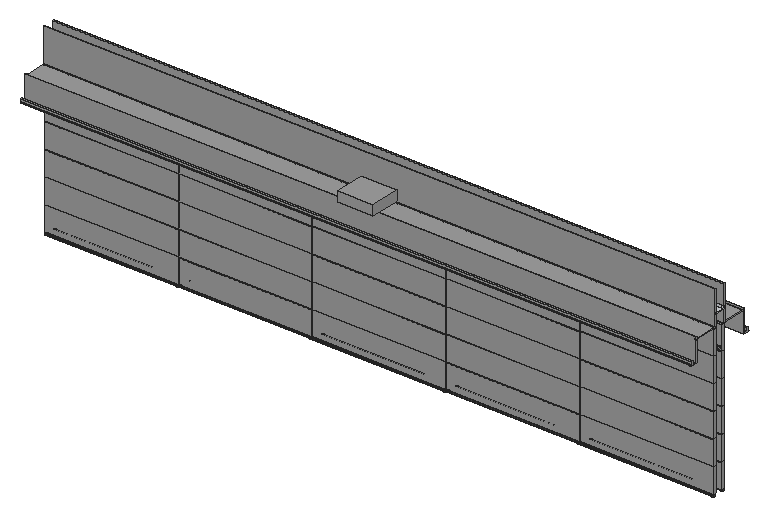
Revit family "Partition-6_Panels_High-Skyfold_Classic_Zenith-10-1_to_12-0_FC_3075_to_3660", category Generic Models, host Ceiling, Revit 2026
Family settings
  Host = Ceiling
  Can host rebar = No
  Round Connector Dimension = Use Diameter
  Part Type = Normal
  Always vertical = Yes
  Cut with Voids When Loaded = No
  Maintain Annotation Orientation = No
  Shared = No
  Room Calculation Point = No
Parameters (values of type "10' - 6"")
  Visibility Of Unfold Single Panel [instance] = and(not(Fold), Number Of Panels < 2)  # no
  Visibility Of Fold Single Panel [instance] = and(Fold, Number Of Panels < 2)  # no
  Visibility Of Fold Panels [instance] = and(Fold, Number Of Panels > 1)  # no
  URL = "http://www.skyfold.com/"
  Total Panel Height = ([Panel Height"F"] * 6) + 0' 2 1/2"  # 11' - 11 1/2"
  Pocket Material [instance] = Default
  Panel Array [instance] = if(Number Of Panels < 3, 2, Number Of Panels)  # 5
  Panel 6 Material [instance] = Default
  Panel 5 Material [instance] = Default
  Panel 4 Material [instance] = Default
  Panel 3 Material [instance] = Default
  Panel 2 Material [instance] = Default
  Model = "Compact Drive System"
  Manufacturer = "Skyfold"
  Description = "Custom Powerlift Partitions"
  Default Elevation = 0' - 0"
  Center Pantograph Visibility [instance] = Number Of Panels > 2  # yes
  Visibility Of Single Pantograph [instance] = and(Number Of Panels = 2, Total Wall Length > 16' 0")  # no
  Total Wall Length [instance] = 54' - 0"
  Wall Thickness = 0' - 11 3/4"  # constant formula
  Unfold [instance] = and(not(Fold), Number Of Panels > 1)  # yes
  Pocket Width"E" = 4' - 8 3/4"
  Pocket Depth"D" = 1' - 8 1/2"
  Panel Length [instance] = (Total Wall Length - 0' 2" - (Number Of Panels - 1) * 0' 0 1/2") / Number Of Panels  # 10' - 8.8"
  Panel Height"F" = 1' - 11 1/2"
  Offset From Ceiling [instance] = 0' - 0"
  Center Pantographs [instance] = if(Number Of Panels < 3, 2, Number Of Panels - 1)  # 4
  Number Of Panels [instance] = (Total Wall Length / Max Panel Length) + 0.499  # 5
  Motor Positionning [instance] = if(or(Number Of Panels = 1, Total Wall Length < 16' 1", Number Of Panels = 3, Number Of Panels = 5, Number Of Panels = 7, Number Of Panels = 9, Number Of Panels = 11), (Total Wall Length / 2), (Total Wall Length / 2) - (Panel Length / 2))  # 27' - 0"
  Max Wall Length [instance] = 100' - 0"  # constant formula
  Max Panel Length [instance] = 12' - 0"  # constant formula
  Height Between Panels [instance] = [Panel Height"F"] + 0' 0 1/2"  # 2' - 0"
  Fold [instance] = no
  Distance From Acoustic Barrier = 0' - 2"  # constant formula
  Distance Between Panels [instance] = Panel Length + 0' 0 1/2"  # 10' - 9.3"
  Finished Ceiling"A" = 10' - 6"
  Panel 1 Material [instance] = Default
  Top Of Acoustic Barrier [instance] = 15' - 0"
  Assembly Code = ""
  Beam Height"B" = 13' - 2 1/4"
  Acoustic Barrier"C" = 12' - 2 1/2"
Reference planes (in)
  plane 1 "Center (Front/Back)": y = 0
  plane 2 "Ceiling": z = 96
  plane 3 "Center (Left/Right)": x = 0
  plane 4: y = -28.375
  plane 5: y = 28.375
  plane 6: y = -5.875
  plane 7: y = 5.875
  plane 8: x = 648
  plane 9: x = 1
  plane 10: x = 130.3
  plane 11: z = 95.96875
  plane 12: z = 116.46875
  plane 13: z = -30.03125
  plane 14 "Beam height": z = 128.21875
  plane 15 "ouverture": y = -35.68131
  plane 16: x = 324
  plane 17 "BOAB": z = 114.46875
  plane 18: z = 95.96875
Lines and regions (in)
  Opening 1
    outline origin (0, 3.93322, 96) x (1, 0, 0) y (0, 1, 0)
      loop
        line (0, 29.69178) -> (0, -37.55822) -> (648, -37.55822) -> (648, 29.69178) -> (0, 29.69178)
Dimensions and locks (in)
  equal spacing: host sketch curve, plane 3 "Center (Left/Right)", host sketch curve
  equal spacing: host sketch curve, plane 1 "Center (Front/Back)", host sketch curve
  host sketch curve to host sketch curve = 10' - 0"  (x2)
  plane 2 "Ceiling" to level = 7' - 0"
  equal spacing: plane 4, plane 1 "Center (Front/Back)", plane 5
  "Pocket Width"E"": plane 4 to plane 5
  equal spacing: plane 6, plane 1 "Center (Front/Back)", plane 7
  "Wall Thickness": plane 6 to plane 7
  "Total Wall Length": plane 8 to plane 3 "Center (Left/Right)"
  locked: plane 9 to plane 3 "Center (Left/Right)" at 1
  "Distance Between Panels": plane 10 to plane 9
  locked: plane 2 "Ceiling" to plane 11 at 0.03125
  equal spacing: group 1, group 2, group 7, group 9, group 10  (x3)
  equal spacing: group 3, group 4, group 8, group 11, group 12  (x3)
  "Finished Ceiling"A"": plane 11 to plane 13
  "Beam Height"B"": plane 14 "Beam height" to plane 13
  locked: nested 8 to plane 3 "Center (Left/Right)" at 32
  locked: plane 8 to nested 9 at 32
  locked: nested 5 to nested 10 at 0.25
  equal spacing: group 5, group 6, group 13, group 14  (x3)
  "Distance Between Panels": nested 11 to nested 10
  locked: plane 10 to nested 12 at 0.25
  "Motor Positionning": plane 16 to plane 3 "Center (Left/Right)"
  locked: plane 12 to plane 17 "BOAB" at 2
  "Offset From Ceiling": plane 11 to plane 18
  "Pocket Depth"D"": plane 12 to plane 18
  aligned and locked: nested 1 to Opening 1 sketch curve  (x2)
  aligned and locked: Opening 1 sketch curve to plane 8
  aligned and locked: plane 2 "Ceiling" to host ceiling
  aligned and locked: nested 2 to plane 1 "Center (Front/Back)"
  aligned and locked: nested 2 to plane 9
  aligned and locked: Opening 1 sketch curve to nested 1
  aligned and locked: nested 1 to plane 3 "Center (Left/Right)"
  aligned and locked: nested 4 to plane 10
  aligned and locked: plane 10 to nested 5
  aligned and locked: plane 8 to nested 6
  aligned and locked: plane 3 "Center (Left/Right)" to nested 6
  aligned and locked: nested 13 to plane 1 "Center (Front/Back)"
  aligned and locked: plane 14 "Beam height" to nested 6
  aligned and locked: nested 1 to nested 6
  aligned and locked: plane 14 "Beam height" to nested 8
  aligned and locked: plane 14 "Beam height" to nested 12
  aligned and locked: plane 14 "Beam height" to nested 10
  aligned and locked: nested 11 to plane 14 "Beam height"
  aligned and locked: nested 9 to plane 14 "Beam height"
  aligned and locked: nested 14 to plane 1 "Center (Front/Back)"
  aligned and locked: nested 15 to nested 14
  aligned and locked: plane 9 to nested 15
  aligned and locked: nested 16 to nested 14
  aligned and locked: nested 16 to plane 9
  aligned and locked: plane 14 "Beam height" to nested 7
  aligned and locked: plane 16 to nested 7
  aligned and locked: nested 13 to plane 18
  aligned and locked: nested 3 to plane 18
  aligned and locked: nested 15 to plane 18
  aligned and locked: nested 5 to plane 18
  aligned and locked: plane 18 to nested 1
  aligned and locked: nested 14 to plane 17 "BOAB"
  aligned and locked: nested 16 to plane 17 "BOAB"
  aligned and locked: nested 19 to plane 11
  aligned and locked: plane 5 to nested 19
  aligned and locked: nested 21 to plane 14 "Beam height"
  aligned and locked: plane 7 to nested 21
  aligned and locked: plane 15 "ouverture" to nested 20
  aligned and locked: nested 20 to plane 14 "Beam height"
Nested families (in)
  nested 1: "Pocket" at (0, -10.75, 97.27344), Acoustic_Barrier"C" <- "Acoustic Barrier"C"", Total_Wall_Length <- "Total Wall Length", T.O. Acoustic_Barrier <- "Top Of Acoustic Barrier", Beam_Height <- "Beam Height"B"", Pocket Material <- "Pocket Material", type "Pocket"
    with Total_Wall_Length 54' - 0", T.O. Acoustic_Barrier 15' - 0", Pocket Material Default, Motor_Length 2' - 10", Motor_Height 0' - 11 1/2", Beam_Height 13' - 2 1/4", Acoustic_Barrier"C" 12' - 2 1/2", Pocket_Width"E" 4' - 8 3/4", Pocket_Depth"D" 1' - 8 1/2", Finished_Ceiling"A" 10' - 6"
  nested 2: "Groupe_5 panneaux" at (1, 0, -116.39108), panel_length <- "Panel Length", visible <- "Unfold", Total_Panel-Height <- "Total Panel Height", Panel 1 material <- "Panel 1 Material", Panel 2 material <- "Panel 2 Material", Panel 3 material <- "Panel 3 Material", Panel 4 material <- "Panel 4 Material", Panel 5 material <- "Panel 5 Material", Panel 6 material <- "Panel 6 Material", type "Groupe_5 panneaux"
    with panel_length 10' - 8.8", Total_Panel-Height 11' - 11 1/2", Panel 6 material Default, Panel 5 material Default, Panel 4 material Default, Panel 3 material Default, Panel 2 material Default, Panel 1 material Default
  nested 3: "Panneau_hor" at (1, 12.57079, 83.96875), panel_length <- "Panel Length", panel_height <- "Panel Height"F"", visible <- "Visibility Of Fold Panels", Panel_Material <- "Panel 6 Material", type "Panneau_hor"
    with panel_length 10' - 8.8", panel_height 1' - 11 1/2", Panel_Material Default
  nested 4: "Groupe_5 panneaux" at (130.3, 0, -116.39108), panel_length <- "Panel Length", visible <- "Unfold", Total_Panel-Height <- "Total Panel Height", Panel 1 material <- "Panel 1 Material", Panel 2 material <- "Panel 2 Material", Panel 3 material <- "Panel 3 Material", Panel 4 material <- "Panel 4 Material", Panel 5 material <- "Panel 5 Material", Panel 6 material <- "Panel 6 Material", type "Groupe_5 panneaux"
    with panel_length 10' - 8.8", Total_Panel-Height 11' - 11 1/2", Panel 6 material Default, Panel 5 material Default, Panel 4 material Default, Panel 3 material Default, Panel 2 material Default, Panel 1 material Default
  nested 5: "Panneau_hor" at (130.3, 12.57079, 83.96875), panel_length <- "Panel Length", panel_height <- "Panel Height"F"", visible <- "Visibility Of Fold Panels", Panel_Material <- "Panel 6 Material", type "Panneau_hor"
    with panel_length 10' - 8.8", panel_height 1' - 11 1/2", Panel_Material Default
  nested 6: "Beam" at (0, -10.75, 109.52344), type "Pocket"
    with Total_Wall_Length 54' - 0"
  nested 7: "Motor" at (307, -23, 118.21875), type "Compact"
  nested 8: "Pantograph" at (54.25, -4, 115.9375) x (0, 1, 0) z (0, 0, 1), type "Pantograph"
  nested 9: "Pantograph" at (638.25, -4, 115.9375) x (0, 1, 0) z (0, 0, 1), type "Pantograph"
  nested 10: "Pantograph" at (152.3, -4, 115.9375) x (0, 1, 0) z (0, 0, 1), visible <- "Center Pantograph Visibility", type "Pantograph"
  nested 11: "Pantograph" at (281.6, -4, 115.9375) x (0, 1, 0) z (0, 0, 1), visible <- "Center Pantograph Visibility", type "Pantograph"
  nested 12: "Pantograph" at (152.3, -4, 115.9375) x (0, 1, 0) z (0, 0, 1), visible <- "Visibility Of Single Pantograph", type "Pantograph"
  nested 13: "2D Fold Panels" at (1, 2.48811, 95.96875) x (0, 1, 0) z (1, 0, 0), visible <- "Fold", Panel_Height <- "Panel Height"F"", type "Complete Panels"
    with Panel_Height 1' - 11 1/2"
  nested 14: "2D Unfold Panels" at (1, 0.10225, 23.59375) x (0, 1, 0) z (1, 0, 0), visible <- "Unfold", type "Unfold panels"
  nested 15: "Panneau_hor" at (1, 12.57079, 83.96875), panel_length <- "Panel Length", panel_height <- "Panel Height"F"", Panel_Material <- "Panel 1 Material", visible <- "Visibility Of Fold Single Panel", type "Panneau_hor"
    with panel_length 10' - 8.8", panel_height 1' - 11 1/2", Panel_Material Default
  nested 16: "Groupe_5 panneaux" at (1, 0, -116.39108), panel_length <- "Panel Length", visible <- "Visibility Of Unfold Single Panel", Total_Panel-Height <- "Total Panel Height", Panel 6 material <- "Panel 6 Material", Panel 5 material <- "Panel 5 Material", Panel 4 material <- "Panel 4 Material", Panel 3 material <- "Panel 3 Material", Panel 2 material <- "Panel 2 Material", Panel 1 material <- "Panel 1 Material", type "Groupe_5 panneaux"
    with panel_length 10' - 8.8", Total_Panel-Height 11' - 11 1/2", Panel 6 material Default, Panel 5 material Default, Panel 4 material Default, Panel 3 material Default, Panel 2 material Default, Panel 1 material Default
  nested 17: "Groupe_5 panneaux" at (259.6, 0, -116.39108), panel_length <- "Panel Length", visible <- "Unfold", Total_Panel-Height <- "Total Panel Height", Panel 1 material <- "Panel 1 Material", Panel 2 material <- "Panel 2 Material", Panel 3 material <- "Panel 3 Material", Panel 4 material <- "Panel 4 Material", Panel 5 material <- "Panel 5 Material", Panel 6 material <- "Panel 6 Material", type "Groupe_5 panneaux"
    with panel_length 10' - 8.8", Total_Panel-Height 11' - 11 1/2", Panel 6 material Default, Panel 5 material Default, Panel 4 material Default, Panel 3 material Default, Panel 2 material Default, Panel 1 material Default
  nested 18: "Panneau_hor" at (259.6, 12.57079, 83.96875), panel_length <- "Panel Length", panel_height <- "Panel Height"F"", visible <- "Visibility Of Fold Panels", Panel_Material <- "Panel 6 Material", type "Panneau_hor"
    with panel_length 10' - 8.8", panel_height 1' - 11 1/2", Panel_Material Default
  nested 19: "Suspended Ceiling Component" at (648, 28.375, 95.96875) x (0, 1, 0) z (1, 0, 0), type "Suspended Ceiling Component"
  nested 20: "Disclaimer Component" at (648, -35.68131, 128.21875) x (0, 1, 0) z (1, 0, 0), type "Disclaimer Component"
  nested 21: "construction as per ASTM E557 Component" at (648, 5.875, 128.21875) x (0, 1, 0) z (1, 0, 0), type "construction as per ASTM E557 Component"
  nested 22: "Groupe_5 panneaux" at (388.9, 0, -116.39108), panel_length <- "Panel Length", visible <- "Unfold", Total_Panel-Height <- "Total Panel Height", Panel 1 material <- "Panel 1 Material", Panel 2 material <- "Panel 2 Material", Panel 3 material <- "Panel 3 Material", Panel 4 material <- "Panel 4 Material", Panel 5 material <- "Panel 5 Material", Panel 6 material <- "Panel 6 Material", type "Groupe_5 panneaux"
    with panel_length 10' - 8.8", Total_Panel-Height 11' - 11 1/2", Panel 6 material Default, Panel 5 material Default, Panel 4 material Default, Panel 3 material Default, Panel 2 material Default, Panel 1 material Default
  nested 23: "Groupe_5 panneaux" at (518.2, 0, -116.39108), panel_length <- "Panel Length", visible <- "Unfold", Total_Panel-Height <- "Total Panel Height", Panel 1 material <- "Panel 1 Material", Panel 2 material <- "Panel 2 Material", Panel 3 material <- "Panel 3 Material", Panel 4 material <- "Panel 4 Material", Panel 5 material <- "Panel 5 Material", Panel 6 material <- "Panel 6 Material", type "Groupe_5 panneaux"
    with panel_length 10' - 8.8", Total_Panel-Height 11' - 11 1/2", Panel 6 material Default, Panel 5 material Default, Panel 4 material Default, Panel 3 material Default, Panel 2 material Default, Panel 1 material Default
  nested 24: "Panneau_hor" at (388.9, 12.57079, 83.96875), panel_length <- "Panel Length", panel_height <- "Panel Height"F"", visible <- "Visibility Of Fold Panels", Panel_Material <- "Panel 6 Material", type "Panneau_hor"
    with panel_length 10' - 8.8", panel_height 1' - 11 1/2", Panel_Material Default
  nested 25: "Panneau_hor" at (518.2, 12.57079, 83.96875), panel_length <- "Panel Length", panel_height <- "Panel Height"F"", visible <- "Visibility Of Fold Panels", Panel_Material <- "Panel 6 Material", type "Panneau_hor"
    with panel_length 10' - 8.8", panel_height 1' - 11 1/2", Panel_Material Default
  nested 26: "Pantograph" at (410.9, -4, 115.9375) x (0, 1, 0) z (0, 0, 1), visible <- "Center Pantograph Visibility", type "Pantograph"
  nested 27: "Pantograph" at (540.2, -4, 115.9375) x (0, 1, 0) z (0, 0, 1), visible <- "Center Pantograph Visibility", type "Pantograph"
Definition of nested family "Pocket"
  Parameters
    Total_Wall_Length [instance] = 35' - 0"
    T.O. Acoustic_Barrier [instance] = 13' - 0"
    Pocket_Width"E" = 4' - 6 1/2"
    Pocket_Depth"D" = 1' - 8 1/4"
    Pocket Material [instance] = none
    Motor_Length [instance] = 2' - 6 29/128"
    Motor_Height [instance] = 1' - 3"
    Finished_Ceiling"A" = 10' - 4"
    Default Elevation = 0' - 0"
    Assembly Code = ""
    Beam_Height [instance] = 10' - 0"
    Acoustic_Barrier"C" [instance] = 3' - 0"
  Reference planes (in)
    plane 1 "Center (Front/Back)": y = 10.75
    plane 2: z = 18.94531
    plane 3 "Center (Left/Right)": x = 0
    plane 4: z = -1.30469
    plane 5: y = -16.5
    plane 6: y = 38
    plane 7: y = -21.75
    plane 8: y = 43.25
    plane 9: z = 2.32031
    plane 10: y = 4.75
    plane 11: y = 16.75
    plane 12: x = 420
    plane 13: z = 24.69531
    plane 14: z = 71.18777
    plane 15: z = 30.69531
    plane 16: z = -125.30469
    plane 17: x = 12.89513
    plane 18: x = 203.52734
    plane 19: z = -5.30469
  Forms (in)
    Extrusion 1, solid, material <- "Pocket Material"
      sketch origin (0, 0, 0) x (0, 1, 0) y (0, 0, 1)
        loop
          line (-21.75, 2.32031) -> (-21.75, -1.30469) -> (-16.5, -1.30469) -> (-16.5, 20.94531) -> (-17.125, 20.94531) -> (-17.125, -0.67969) -> (-21.125, -0.67969) -> (-21.125, 2.32031) -> (-21.75, 2.32031)
        loop
          line (-16.28125, 18.94531) -> (4.53125, 18.94531) -> (4.53125, 19.57031) -> (-16.28125, 19.57031) -> (-16.28125, 18.94531)
      from 0 to 420
    Extrusion 2, solid, material <- "Pocket Material"
      sketch origin (0, 0, 0) x (0, 1, 0) y (0, 0, 1)
        loop
          line (9.75, -1.30469) -> (11.75, -1.30469) -> (11.75, -1.05469) -> (10.875, -1.05469) -> (10.875, 0.69531) -> (10.625, 0.69531) -> (10.625, -1.05469) -> (9.75, -1.05469) -> (9.75, -1.30469)
      from 0 to 420
    Extrusion 3, solid, material <- "Pocket Material"
      sketch origin (0, 0, 0) x (0, 1, 0) y (0, 0, 1)
        loop
          line (4.75, 18.94531) -> (5.75, 18.94531) -> (5.75, 30.69531) -> (4.75, 30.69531) -> (4.75, 18.94531)
      from 0 to 420
    Extrusion 4, solid, material <- "Pocket Material"
      sketch origin (0, 21.5, 0) x (0, -1, 0) y (0, 0, -1)
        loop
          line (4.75, -18.94531) -> (4.75, -30.69531) -> (5.75, -30.69531) -> (5.75, -18.94531) -> (4.75, -18.94531)
      from 0 to 420
    Extrusion 5, solid, material <- "Pocket Material"
      sketch origin (420, 0, 0) x (0, 1, 0) y (0, 0, 1)
        loop
          line (-16.5, 19.64844) -> (-16.5, 18.85156) -> (-15.75, 18.85156) -> (-15.75, 18.94531) -> (-16.40625, 18.94531) -> (-16.40625, 19.64844) -> (-16.5, 19.64844)
      from -420 to 0
    Extrusion 6, solid, material <- "Pocket Material"
      sketch origin (420, -21.98359, 0) x (0, -1, 0) y (0, 0, -1)
        loop
          line (-26.73359, -19.64844) -> (-26.63984, -19.64844) -> (-26.63984, -18.94531) -> (-25.98359, -18.94531) -> (-25.98359, -18.85156) -> (-26.73359, -18.85156) -> (-26.73359, -19.64844)
      from -420 to 0
    Extrusion 7, solid, material <- "Pocket Material"
      sketch origin (420, -57.55768, -19.35805) x (0, -1, 0) y (0, 0, -1)
        loop
          line (-35.80768, -18.75649) -> (-35.71393, -18.75649) -> (-35.71393, -18.05336) -> (-35.05768, -18.05336) -> (-35.05768, -17.95961) -> (-35.80768, -17.95961) -> (-35.80768, -18.75649)
      from -420 to 0
    Extrusion 8, solid, material <- "Pocket Material"
      sketch origin (0, 21.5, 0) x (0, -1, 0) y (0, 0, -1)
        loop
          line (-21.75, -2.32031) -> (-21.125, -2.32031) -> (-21.125, 0.67969) -> (-17.125, 0.67969) -> (-17.125, -20.94531) -> (-16.5, -20.94531) -> (-16.5, 1.30469) -> (-21.75, 1.30469) -> (-21.75, -2.32031)
        loop
          line (-16.28125, -18.94531) -> (-16.28125, -19.57031) -> (4.53125, -19.57031) -> (4.53125, -18.94531) -> (-16.28125, -18.94531)
      from 0 to 420
    Extrusion 9, solid, material <- "Pocket Material"
      sketch origin (420, 21.5, 0) x (0, -1, 0) y (0, 0, -1)
        loop
          line (-16.5, -19.64844) -> (-16.40625, -19.64844) -> (-16.40625, -18.94531) -> (-15.75, -18.94531) -> (-15.75, -18.85156) -> (-16.5, -18.85156) -> (-16.5, -19.64844)
      from -420 to 0
    Extrusion 10, solid, material <- "Pocket Material"
      sketch origin (420, 43.48359, 0) x (0, 1, 0) y (0, 0, 1)
        loop
          line (-26.73359, 19.64844) -> (-26.73359, 18.85156) -> (-25.98359, 18.85156) -> (-25.98359, 18.94531) -> (-26.63984, 18.94531) -> (-26.63984, 19.64844) -> (-26.73359, 19.64844)
      from -420 to 0
    Extrusion 11, solid, material <- "Pocket Material"
      sketch origin (420, 79.05768, -19.35805) x (0, 1, 0) y (0, 0, 1)
        loop
          line (-35.80768, 18.75649) -> (-35.80768, 17.95961) -> (-35.05768, 17.95961) -> (-35.05768, 18.05336) -> (-35.71393, 18.05336) -> (-35.71393, 18.75649) -> (-35.80768, 18.75649)
      from -420 to 0
  Lines and regions (in)
    symbolic lines
      curve 1: line (420, -21.125, -0.67969) -> (420, -17.125, -0.67969)
      curve 2: line (420, -21.125, 30.69531) -> (420, -21.125, -0.67969)
      curve 3: line (420, -17.125, 30.69531) -> (420, -21.125, 30.69531)
      curve 4: line (420, -17.125, -0.67969) -> (420, -17.125, 30.69531)
      curve 5: line (420, 42.625, -0.67969) -> (420, 38.625, -0.67969)
      curve 6: line (420, 42.625, 30.69531) -> (420, 42.625, -0.67969)
      curve 7: line (420, 38.625, 30.69531) -> (420, 42.625, 30.69531)
      curve 8: line (420, 38.625, -0.67969) -> (420, 38.625, 30.69531)
      curve 9: line (0, 5.25, 30.69531) -> (0, 5.25, 18.94531)
      curve 10: line (0, 16.25, 30.69531) -> (0, 16.25, 18.94531)
  Dimensions and locks (in)
    locked: plane 7 to plane 5 at 5.25
    locked: plane 9 to plane 4 at 3.625
    locked: plane 6 to plane 8 at 5.25
    plane 10 to plane 1 "Center (Front/Back)" = 0' - 6"
    plane 10 to plane 11 = 1' - 0"
    "Pocket_Width"E"": plane 5 to plane 6
    equal spacing: plane 5, plane 1 "Center (Front/Back)", plane 6
    "Finished_Ceiling"A"": plane 4 to level
    locked: plane 7 to Extrusion 1 sketch curve at 0.625
    locked: Extrusion 1 sketch curve to plane 4 at 0.625
    locked: Extrusion 1 sketch curve to Extrusion 1 sketch curve at 0.625
    Extrusion 1 sketch curve to Extrusion 1 sketch curve = 0' - 0 5/8"
    "Total_Wall_Length": plane 12 to plane 3 "Center (Left/Right)"
    equal spacing: Extrusion 2 sketch curve, plane 1 "Center (Front/Back)", Extrusion 2 sketch curve  (x2)
    locked: Extrusion 2 sketch curve to plane 4 at 2
    locked: Extrusion 2 sketch curve to plane 4 at 0.25
    locked: Extrusion 2 sketch curve to plane 1 "Center (Front/Back)" at 0.125
    locked: Extrusion 1 sketch curve to Extrusion 1 sketch curve at 0.21875
    Extrusion 1 sketch curve to plane 2 = 0' - 2"
    locked: plane 10 to Extrusion 3 sketch curve at 1
    "Pocket_Depth"D"": plane 2 to plane 4
    locked: plane 13 to plane 16 at 150
    "T.O. Acoustic_Barrier": plane 15 to plane 16
    locked: plane 18 to plane 3 "Center (Left/Right)" at 203.52734
    "Beam_Height": plane 19 to plane 16
    plane 4 to plane 16 = 10' - 4"
    Extrusion 1 to Extrusion 1 to plane 5 = 0' - 0 5/8", 0' - 0"
    locked: Extrusion 1 sketch curve to Extrusion 1 sketch curve at 1.375
    locked: Extrusion 1 sketch curve to plane 10 at 0.21875
    locked: Extrusion 5 sketch curve to Extrusion 5 sketch curve at 0.09375  (x2)
    locked: Extrusion 5 sketch curve to Extrusion 5 sketch curve at 0.79688
    locked: Extrusion 5 sketch curve to Extrusion 5 sketch curve at 0.75
    locked: Extrusion 6 sketch curve to Extrusion 6 sketch curve at 0.09375  (x2)
    locked: Extrusion 6 sketch curve to Extrusion 6 sketch curve at 0.79688
    locked: Extrusion 6 sketch curve to Extrusion 6 sketch curve at 0.75
    locked: Extrusion 7 sketch curve to Extrusion 7 sketch curve at 0.09375  (x2)
    locked: Extrusion 7 sketch curve to Extrusion 7 sketch curve at 0.79688
    locked: Extrusion 7 sketch curve to Extrusion 7 sketch curve at 0.75
    locked: Extrusion 8 sketch curve to Extrusion 8 sketch curve at 0.625
    Extrusion 8 sketch curve to Extrusion 8 sketch curve = 0' - 0 5/8"
    locked: Extrusion 8 sketch curve to Extrusion 8 sketch curve at 0.21875
    Extrusion 8 sketch curve to Extrusion 8 sketch curve = 0' - 1 3/8"
    locked: Extrusion 9 sketch curve to Extrusion 9 sketch curve at 0.09375  (x2)
    locked: Extrusion 9 sketch curve to Extrusion 9 sketch curve at 0.79688
    locked: Extrusion 9 sketch curve to Extrusion 9 sketch curve at 0.75
    locked: Extrusion 10 sketch curve to Extrusion 10 sketch curve at 0.09375  (x2)
    locked: Extrusion 10 sketch curve to Extrusion 10 sketch curve at 0.79688
    locked: Extrusion 10 sketch curve to Extrusion 10 sketch curve at 0.75
    locked: Extrusion 11 sketch curve to Extrusion 11 sketch curve at 0.09375  (x2)
    locked: Extrusion 11 sketch curve to Extrusion 11 sketch curve at 0.79688
    locked: Extrusion 11 sketch curve to Extrusion 11 sketch curve at 0.75
    aligned and locked: plane 12 to Extrusion 1
    aligned and locked: Extrusion 2 sketch curve to Extrusion 2 sketch curve
    aligned and locked: Extrusion 2 to plane 3 "Center (Left/Right)"
    aligned and locked: plane 12 to Extrusion 2
    aligned and locked: Extrusion 3 sketch curve to plane 2
    aligned and locked: Extrusion 3 sketch curve to plane 10
    aligned and locked: plane 15 to Extrusion 4
    aligned and locked: plane 15 to Extrusion 3
    aligned and locked: plane 12 to Extrusion 3
    aligned and locked: plane 12 to Extrusion 4
    aligned and locked: plane 16 to level
    aligned and locked: curve 1 to Extrusion 1  (x2)
    aligned and locked: curve 4 to Extrusion 1
    aligned and locked: curve 7 to plane 15
    aligned and locked: plane 5 to Extrusion 5
    aligned and locked: plane 2 to Extrusion 5
    aligned and locked: plane 10 to Extrusion 6
    aligned and locked: plane 2 to Extrusion 6
    aligned and locked: plane 7 to Extrusion 7
    aligned and locked: plane 4 to Extrusion 7
    aligned and locked: plane 6 to Extrusion 9
    aligned and locked: plane 4 to Extrusion 11
    aligned and locked: Extrusion 11 to plane 8
    aligned and locked: plane 12 to Extrusion 5
    aligned and locked: plane 12 to Extrusion 6
    aligned and locked: Extrusion 10 to plane 3 "Center (Left/Right)"
    aligned and locked: Extrusion 6 to plane 3 "Center (Left/Right)"
    aligned and locked: Extrusion 5 to plane 3 "Center (Left/Right)"
    aligned and locked: plane 12 to Extrusion 10
    aligned and locked: plane 12 to Extrusion 9
    aligned and locked: Extrusion 9 to plane 3 "Center (Left/Right)"
    aligned and locked: plane 12 to Extrusion 7
    aligned and locked: plane 12 to Extrusion 11
    aligned and locked: Extrusion 7 to plane 3 "Center (Left/Right)"
    aligned and locked: Extrusion 11 to plane 3 "Center (Left/Right)"
    aligned and locked: Extrusion 8 to curve 8
    aligned and locked: curve 6 to Extrusion 8
    aligned and locked: curve 5 to Extrusion 8
    aligned and locked: plane 12 to Extrusion 8
    aligned and locked: Extrusion 1 to plane 3 "Center (Left/Right)"
    aligned and locked: Extrusion 8 to plane 3 "Center (Left/Right)"
    aligned and locked: Extrusion 8 to Extrusion 1
  Automatic sketch dimensions
    curve 9 to plane 2 = 0' - 0"
    curve 9 to plane 15 = 0' - 0"
    curve 10 to plane 2 = 0' - 0"
    curve 10 to plane 15 = 0' - 0"
    plane 10 to curve 9 = 0' - 0 1/2"
    curve 10 to plane 11 = 0' - 0 1/2"
    Extrusion 1 sketch curve to plane 4 = 0' - 0"
    Extrusion 1 sketch curve to plane 7 = 0' - 0"
    Extrusion 1 sketch curve to plane 5 = 0' - 0"
    Extrusion 1 sketch curve to plane 9 = 0' - 0"
    Extrusion 2 sketch curve to plane 4 = 0' - 0"
    Extrusion 2 sketch curve to Extrusion 2 sketch curve = 0' - 0 7/8"
    Extrusion 3 sketch curve to plane 15 = 0' - 0"
    Extrusion 4 sketch curve to plane 11 = 0' - 0"
    Extrusion 4 sketch curve to plane 15 = 0' - 0"
    Extrusion 4 sketch curve to plane 2 = 0' - 0"
    plane 11 to Extrusion 4 sketch curve = 0' - 1"
    curve 3 to Extrusion 3 = 0' - 0"
    Extrusion 5 sketch curve to Extrusion 3 = 0' - 0"
    Extrusion 3 to Extrusion 5 sketch curve = 1' - 9 1/4"
    Extrusion 6 sketch curve to Extrusion 3 = 0' - 0"  (x2)
    Extrusion 3 to Extrusion 7 sketch curve = 2' - 2 1/2"
    Extrusion 3 to Extrusion 7 sketch curve = 1' - 7 35/64"
    Extrusion 8 sketch curve to plane 4 = 0' - 0"
    Extrusion 8 sketch curve to plane 8 = 0' - 0"
    Extrusion 8 sketch curve to plane 9 = 0' - 0"
    Extrusion 8 sketch curve to plane 6 = 0' - 0"
    Extrusion 8 sketch curve to plane 2 = 0' - 0"
    plane 8 to Extrusion 8 sketch curve = 0' - 0 5/8"
    Extrusion 8 sketch curve to plane 11 = 0' - 0 7/32"
    Extrusion 8 sketch curve to plane 4 = 0' - 0 5/8"
    Extrusion 3 to Extrusion 9 sketch curve = 0' - 0"
    Extrusion 3 to Extrusion 9 sketch curve = 2' - 8 1/4"
    Extrusion 3 to Extrusion 10 sketch curve = 0' - 0"
    Extrusion 3 to Extrusion 10 sketch curve = 0' - 11"
    Extrusion 3 to Extrusion 11 sketch curve = 3' - 1 1/2"
    Extrusion 3 to Extrusion 11 sketch curve = 1' - 8 11/32"
Definition of nested family "Groupe_5 panneaux"
  Parameters
    panel_length [instance] = 3' - 0"
    panel_height = 1' - 11 1/2"
    folded_width = 0' - 11 3/4"
    Total_Panel-Height [instance] = 9' - 2 3/4"
    Panel 6 material [instance] = none
    Panel 5 material [instance] = none
    Panel 4 material [instance] = none
    Panel 3 material [instance] = none
    Panel 2 material [instance] = none
    Panel 1 material [instance] = none
    Height_distance_bet_panels = panel_height + 0' 0 1/2"  # 2' - 0"
    Default Elevation = 0' - 0"
    Assembly Code = ""
  Reference planes (in)
    plane 1 "Center (Front/Back)": y = 0
    plane 2: z = 0
    plane 3 "Center (Left/Right)": x = 0
    plane 4: y = 5.875
    plane 5: z = 231.96921
    plane 6: y = -5.875
    plane 7: x = 36
    plane 8: z = 121.21921
    plane 9: z = 207.96921
    plane 10: z = 183.96921
    plane 11: z = 159.96921
    plane 12: z = 135.96921
    plane 13: z = 111.96921
    plane 14: z = 208.46921
  Forms (in)
    Extrusion 1, solid
      sketch origin (0, 1.79895, 58.50004) x (0, 1, 0) y (0, 0, 1)
        loop
          line (-6.80477, 61.03907) -> (-7.05382, 62.46917) -> (-6.92395, 62.46917) -> (-6.92395, 62.71918) -> (-7.67395, 62.71918) -> (-7.67395, 62.46917) -> (-7.41508, 62.46917) -> (-7.66413, 61.03907)
          arc (-7.66413, 61.03907) -> (-7.23445, 60.60939) -> (-6.80477, 61.03907) r 0.42968
      from 0 to 36
    Extrusion 2, solid
      sketch origin (0, -1.79895, 58.50004) x (0, -1, 0) y (0, 0, -1)
        loop
          arc (-6.80477, -61.03907) -> (-7.23445, -60.60939) -> (-7.66413, -61.03907) r 0.42968
          line (-7.66413, -61.03907) -> (-7.41508, -62.46917) -> (-7.67395, -62.46917) -> (-7.67395, -62.71918) -> (-6.92395, -62.71918) -> (-6.92395, -62.46917) -> (-7.05382, -62.46917) -> (-6.80477, -61.03907)
      from 0 to 36
  Dimensions and locks (in)
    equal spacing: plane 6, plane 1 "Center (Front/Back)", plane 4
    "folded_width": plane 6 to plane 4
    "panel_length": plane 7 to plane 3 "Center (Left/Right)"
    "Total_Panel-Height": plane 5 to plane 8
    equal spacing: plane 5, plane 9, plane 10, plane 11, plane 12, plane 13
    "Height_distance_bet_panels": plane 5 to plane 9
    locked: plane 14 to plane 9 at 0.5
    aligned: plane 6 to nested 1
    aligned: nested 1 to plane 5  (x2)
    aligned and locked: plane 7 to Extrusion 1
    aligned and locked: Extrusion 1 to plane 3 "Center (Left/Right)"
    aligned and locked: Extrusion 1 to plane 6
    aligned and locked: Extrusion 2 to plane 3 "Center (Left/Right)"
    aligned and locked: plane 7 to Extrusion 2
    aligned and locked: nested 3 to plane 9
    aligned and locked: plane 9 to nested 2
    aligned and locked: nested 5 to plane 10
    aligned and locked: plane 10 to nested 4
    aligned and locked: nested 7 to plane 11
    aligned and locked: plane 11 to nested 6
    aligned and locked: nested 9 to plane 12
    aligned and locked: plane 12 to nested 8
    aligned and locked: nested 11 to plane 13
    aligned and locked: plane 13 to nested 10
    aligned: plane 14 to nested 1
    aligned and locked: nested 12 to plane 4
    aligned: plane 14 to nested 12
    aligned and locked: nested 1 to plane 5
    aligned and locked: nested 12 to plane 5
    aligned and locked: nested 11 to plane 6
    aligned and locked: plane 4 to nested 10
    aligned and locked: plane 6 to nested 9
    aligned and locked: plane 4 to nested 8
    aligned and locked: plane 4 to nested 6
    aligned and locked: plane 6 to nested 7
    aligned and locked: plane 4 to nested 4
    aligned and locked: plane 6 to nested 5
    aligned and locked: plane 4 to nested 2
    aligned and locked: plane 6 to nested 3
    aligned and locked: plane 6 to nested 1
  Automatic sketch dimensions
    Extrusion 1 sketch curve to plane 6 = 0' - 0"
    plane 6 to Extrusion 1 sketch curve = 0' - 0.00982"
    Extrusion 1 sketch curve to Extrusion 1 sketch curve = 0' - 0.25887"
    Extrusion 1 sketch curve to Extrusion 1 sketch curve = 0' - 0 55/128"
    Extrusion 1 sketch curve to plane 8 = 0' - 0 1/4"  (x2)
    Extrusion 1 sketch curve to Extrusion 1 sketch curve = 0' - 0.36126"
    plane 8 to Extrusion 1 sketch curve = 0' - 0"
    Extrusion 1 sketch curve to Extrusion 1 sketch curve = 0' - 0.12987"
    Extrusion 1 sketch curve to Extrusion 1 sketch curve = 0' - 1.4301"
    Extrusion 2 sketch curve to plane 4 = 0' - 0"
    plane 4 to Extrusion 2 sketch curve = 0' - 0.00982"
    Extrusion 2 sketch curve to Extrusion 2 sketch curve = 0' - 0.25887"
    Extrusion 2 sketch curve to Extrusion 2 sketch curve = 0' - 0 55/128"
    plane 8 to Extrusion 2 sketch curve = 0' - 0 1/4"  (x2)
    Extrusion 2 sketch curve to Extrusion 2 sketch curve = 0' - 0.36126"
    Extrusion 2 sketch curve to plane 8 = 0' - 0"
    Extrusion 2 sketch curve to Extrusion 2 sketch curve = 0' - 0.12987"
    Extrusion 2 sketch curve to Extrusion 2 sketch curve = 0' - 1.4301"
  Nested families (in)
    nested 1: "Top Panel" at (0, -3.625, 208.46921), panel_length <- "panel_length", Panel_Material <- "Panel 1 material", panel_height <- "panel_height", type "Top Panel"
      with panel_length 3' - 0", panel_height 1' - 11 1/2", Panel_Material none
    nested 2: "Panneau_top" at (0, 3.625, 184.46921), panel_height <- "panel_height", panel_length <- "panel_length", Panel_Material <- "Panel 2 material", type "Panneau_top"
      with panel_length 3' - 0", panel_height 1' - 11 1/2", Panel_Material none
    nested 3: "Panneau_top" at (0, -3.625, 184.46921), panel_height <- "panel_height", panel_length <- "panel_length", Panel_Material <- "Panel 2 material", type "Panneau_top"
      with panel_length 3' - 0", panel_height 1' - 11 1/2", Panel_Material none
    nested 4: "Panneau_top" at (0, 3.625, 160.46921), panel_height <- "panel_height", panel_length <- "panel_length", Panel_Material <- "Panel 3 material", type "Panneau_top"
      with panel_length 3' - 0", panel_height 1' - 11 1/2", Panel_Material none
    nested 5: "Panneau_top" at (0, -3.625, 160.46921), panel_height <- "panel_height", panel_length <- "panel_length", Panel_Material <- "Panel 3 material", type "Panneau_top"
      with panel_length 3' - 0", panel_height 1' - 11 1/2", Panel_Material none
    nested 6: "Panneau_top" at (0, 3.625, 136.46921), panel_height <- "panel_height", panel_length <- "panel_length", Panel_Material <- "Panel 4 material", type "Panneau_top"
      with panel_length 3' - 0", panel_height 1' - 11 1/2", Panel_Material none
    nested 7: "Panneau_top" at (0, -3.625, 136.46921), panel_height <- "panel_height", panel_length <- "panel_length", Panel_Material <- "Panel 4 material", type "Panneau_top"
      with panel_length 3' - 0", panel_height 1' - 11 1/2", Panel_Material none
    nested 8: "Panneau_top" at (0, 3.625, 112.46921), panel_height <- "panel_height", panel_length <- "panel_length", Panel_Material <- "Panel 5 material", type "Panneau_top"
      with panel_length 3' - 0", panel_height 1' - 11 1/2", Panel_Material none
    nested 9: "Panneau_top" at (0, -3.625, 112.46921), panel_height <- "panel_height", panel_length <- "panel_length", Panel_Material <- "Panel 5 material", type "Panneau_top"
      with panel_length 3' - 0", panel_height 1' - 11 1/2", Panel_Material none
    nested 10: "Panneau_top" at (0, 3.625, 88.46921), panel_height <- "panel_height", panel_length <- "panel_length", Panel_Material <- "Panel 6 material", type "Panneau_top"
      with panel_length 3' - 0", panel_height 1' - 11 1/2", Panel_Material none
    nested 11: "Panneau_top" at (0, -3.625, 88.46921), panel_height <- "panel_height", panel_length <- "panel_length", Panel_Material <- "Panel 6 material", type "Panneau_top"
      with panel_length 3' - 0", panel_height 1' - 11 1/2", Panel_Material none
    nested 12: "Top Panel" at (0, 5.875, 208.46921), panel_length <- "panel_length", Panel_Material <- "Panel 1 material", panel_height <- "panel_height", type "Top Panel"
      with panel_length 3' - 0", panel_height 1' - 11 1/2", Panel_Material none
  Definition of nested family "Top Panel"
    Parameters
      panel_length [instance] = 4' - 0"
      panel_height [instance] = 4' - 0"
      Panel_Material [instance] = none
      Default Elevation = 0' - 0"
      Assembly Code = ""
    Reference planes (in)
      plane 1 "Center (Front/Back)": y = 0
      plane 2: z = 0
      plane 3 "Center (Left/Right)": x = 0
      plane 4: z = 48
      plane 5: x = 48
      plane 6: z = 46.89062
    Forms (in)
      Extrusion 1, solid, material <- "Panel_Material"
        sketch origin (0, 1.5, 0) x (0, 1, 0) y (0, 0, 1)
          loop
            line (-1.5, 46.89063) -> (-1.5, 0) -> (0.75, 0) -> (0.75, 46.89063) -> (-1.5, 46.89063)
        from 0 to 48
    Dimensions and locks (in)
      "panel_length": plane 5 to plane 3 "Center (Left/Right)"
      "panel_height": plane 4 to plane 2
      locked: plane 1 "Center (Front/Back)" to Extrusion 1 at 2.25
      locked: plane 4 to plane 6 at 1.10937
      aligned: plane 4 to Extrusion 1
      aligned and locked: plane 5 to Extrusion 1
      aligned and locked: Extrusion 1 sketch curve to plane 2
      aligned and locked: plane 1 "Center (Front/Back)" to Extrusion 1
      aligned and locked: plane 6 to Extrusion 1
    Automatic sketch dimensions
      Extrusion 1 sketch curve to plane 4 = 0' - 1 7/64"
      Extrusion 1 sketch curve to Extrusion 1 sketch curve = 0' - 2 1/4"
      Extrusion 1 sketch curve to plane 1 "Center (Front/Back)" = 0' - 0"
  Definition of nested family "Panneau_top"
    Parameters
      panel_length [instance] = 4' - 0"
      panel_height [instance] = 4' - 0"
      Panel_Material [instance] = none
      Default Elevation = 0' - 0"
      Assembly Code = ""
    Reference planes (in)
      plane 1 "Center (Front/Back)": y = 0
      plane 2: z = 0
      plane 3 "Center (Left/Right)": x = 0
      plane 4: z = 48
      plane 5: x = 48
    Forms (in)
      Extrusion 1, solid, material <- "Panel_Material"
        sketch origin (0, 1.5, 0) x (0, 1, 0) y (0, 0, 1)
          loop
            line (-1.5, 48) -> (-1.5, 0) -> (0.75, 0) -> (0.75, 48) -> (-1.5, 48)
        from 0 to 48
    Dimensions and locks (in)
      "panel_length": plane 5 to plane 3 "Center (Left/Right)"
      "panel_height": plane 4 to plane 2
      locked: plane 1 "Center (Front/Back)" to Extrusion 1 at 2.25
      aligned and locked: plane 4 to Extrusion 1
      aligned and locked: plane 5 to Extrusion 1
      aligned and locked: Extrusion 1 sketch curve to plane 2
      aligned and locked: plane 1 "Center (Front/Back)" to Extrusion 1
    Automatic sketch dimensions
      Extrusion 1 sketch curve to plane 4 = 0' - 0"
      Extrusion 1 sketch curve to Extrusion 1 sketch curve = 0' - 2 1/4"
      Extrusion 1 sketch curve to plane 1 "Center (Front/Back)" = 0' - 0"
Definition of nested family "Panneau_hor"
  Parameters
    pocket_depth = 3' - 0"
    panel_length [instance] = 4' - 0"
    panel_height [instance] = 3' - 0"
    Panel_Material [instance] = none
    Default Elevation = 0' - 0"
    Assembly Code = ""
  Reference planes (in)
    plane 1 "Center (Front/Back)": y = -12.57079
    plane 2: z = 0
    plane 3 "Center (Left/Right)": x = 0
    plane 4: z = 48
    plane 5: x = 48
    plane 6: y = -15.82079
    plane 7: y = -9.32079
    plane 8: z = 12
    plane 9: y = 26.67921
    plane 10: z = 14.25
    plane 11: y = -51.82079
  Forms (in)
    Extrusion 1, solid, material <- "Panel_Material"
      sketch origin (0, 5.05768, 40.06591) x (0, 0, -1) y (0, 1, 0)
        loop
          line (25.81591, 21.62154) -> (25.81591, -14.37846) -> (28.06591, -14.37846) -> (28.06591, 21.62154) -> (25.81591, 21.62154)
      from 0 to 48
    Extrusion 2, solid, material <- "Panel_Material"
      sketch origin (0, -28.3555, 40.06591) x (0, 0, -1) y (0, 1, 0)
        loop
          line (25.81591, -23.46529) -> (28.06591, -23.46529) -> (28.06591, 12.53471) -> (25.81591, 12.53471) -> (25.81591, -23.46529)
      from 0 to 48
    Extrusion 3, solid
      sketch origin (0, 0, 0) x (0, 1, 0) y (0, 0, 1)
        loop
          line (-13.96908, 12.83522) -> (-15.57077, 12.58617) -> (-15.57077, 12.71604) -> (-15.82079, 12.71604) -> (-15.82079, 12) -> (-15.57077, 12) -> (-15.57077, 12.22491) -> (-13.96908, 11.97586)
          arc (-13.96908, 11.97586) -> (-13.5394, 12.40554) -> (-13.96908, 12.83522) r 0.42968
      from 0 to 48
    Extrusion 4, solid
      sketch origin (0, -25.14157, 0) x (0, -1, 0) y (0, 0, -1)
        loop
          arc (-13.96908, -12.83522) -> (-13.5394, -12.40554) -> (-13.96908, -11.97586) r 0.42968
          line (-13.96908, -11.97586) -> (-15.57077, -12.22491) -> (-15.57077, -12) -> (-15.82079, -12) -> (-15.82079, -12.71604) -> (-15.57077, -12.71604) -> (-15.57077, -12.58617) -> (-13.96908, -12.83522)
      from 0 to 48
  Dimensions and locks (in)
    "panel_length": plane 5 to plane 3 "Center (Left/Right)"
    equal spacing: plane 6, plane 1 "Center (Front/Back)", plane 7
    locked: plane 6 to plane 7 at 6.5
    "pocket_depth": plane 4 to plane 8
    "panel_height": plane 7 to plane 9
    locked: plane 10 to plane 8 at 2.25
    "panel_height": plane 11 to plane 6
    aligned: Extrusion 1 to plane 4
    aligned and locked: plane 5 to Extrusion 1
    aligned and locked: Extrusion 1 to plane 7
    aligned and locked: plane 9 to Extrusion 1
    aligned and locked: Extrusion 1 to plane 8
    aligned and locked: plane 10 to Extrusion 1
    aligned and locked: Extrusion 2 to plane 11
    aligned and locked: plane 5 to Extrusion 2
    aligned and locked: import instance to plane 8
    aligned and locked: import instance to plane 6
    aligned and locked: Extrusion 3 sketch curve to import instance  (x8)
    aligned and locked: Extrusion 4 sketch curve to import instance  (x8)
    aligned and locked: Extrusion 3 to plane 3 "Center (Left/Right)"
    aligned and locked: plane 5 to Extrusion 4
    aligned and locked: plane 5 to Extrusion 3
    aligned and locked: Extrusion 4 to plane 3 "Center (Left/Right)"
  Automatic sketch dimensions
    Extrusion 3 sketch curve to Extrusion 3 sketch curve = 0' - 0.12987"
    Extrusion 1 sketch curve to plane 7 = 0' - 0"
    Extrusion 1 sketch curve to plane 10 = 0' - 0"
    Extrusion 1 sketch curve to plane 8 = 0' - 0"
    Extrusion 1 sketch curve to plane 9 = 0' - 0"
    Extrusion 2 sketch curve to plane 6 = 0' - 0"
    Extrusion 2 sketch curve to plane 10 = 0' - 0"
    Extrusion 2 sketch curve to plane 8 = 0' - 0"
    Extrusion 2 sketch curve to plane 11 = 0' - 0"
    Extrusion 4 sketch curve to Extrusion 4 sketch curve = 0' - 0.12987"
Definition of nested family "Beam"
  Parameters
    Total_Wall_Length [instance] = 4' - 0"
    Default Elevation = 0' - 0"
    Assembly Code = ""
  Reference planes (in)
    plane 1 "Center (Front/Back)": y = 10.75
    plane 2: z = 18.69531
    plane 3 "Center (Left/Right)": x = 0
    plane 4: y = 4.75
    plane 5: y = 16.75
    plane 6: x = 48
    plane 7: z = 46.69531
    plane 8: z = -103.30469
  Forms (in)
    Extrusion 1, solid
      sketch origin (0, 0, 67.39062) x (0, 1, 0) y (0, 0, 1)
        loop
          line (5.75, -48.69531) -> (15.75, -48.69531) -> (15.75, -46.07031) -> (15.375, -46.07031) -> (15.375, -48.32031) -> (6.125, -48.32031) -> (6.125, -46.07031) -> (5.75, -46.07031) -> (5.75, -48.69531)
      from 0 to 48
  Dimensions and locks (in)
    plane 4 to plane 1 "Center (Front/Back)" = 0' - 6"
    plane 4 to plane 5 = 1' - 0"
    "Total_Wall_Length": plane 6 to plane 3 "Center (Left/Right)"
    Extrusion 1 sketch curve to Extrusion 1 sketch curve = 0' - 10"
    Extrusion 1 sketch curve to Extrusion 1 sketch curve = 0' - 9 1/4"
    locked: Extrusion 1 sketch curve to Extrusion 1 sketch curve at 0.375  (x2)
    locked: Extrusion 1 sketch curve to Extrusion 1 sketch curve at 2.625
    aligned and locked: plane 8 to level
    aligned and locked: Extrusion 1 sketch curve to Extrusion 1 sketch curve
    aligned and locked: plane 6 to Extrusion 1
    aligned and locked: Extrusion 1 to plane 3 "Center (Left/Right)"
  Automatic sketch dimensions
    Extrusion 1 sketch curve to plane 2 = 0' - 0"
    Extrusion 1 sketch curve to plane 4 = 0' - 1"
    plane 5 to Extrusion 1 sketch curve = 0' - 1 3/8"
    Extrusion 1 sketch curve to Extrusion 1 sketch curve = 0' - 0 3/8"
Definition of nested family "Motor"
  Parameters
    Motor_Width = 5' - 10"
    Motor_Length = 2' - 10"
    Motor_Height = 0' - 10"
    Default Elevation = 0' - 0"
    Assembly Code = ""
  Reference planes (in)
    plane 1 "Center (Front/Back)": y = 23
    plane 2: z = 0
    plane 3 "Center (Left/Right)": x = 0
    plane 4: y = -12
    plane 5: y = 58
    plane 6: z = 10
    plane 7: x = 34
    plane 8: x = 17
  Forms (in)
    Extrusion 1, solid
      sketch origin (0, 0, 0) x (0, 1, 0) y (0, 0, 1)
        loop
          line (-12, 10) -> (-12, 0) -> (58, 0) -> (58, 10) -> (-12, 10)
      from 0 to 34
  Dimensions and locks (in)
    equal spacing: plane 4, plane 1 "Center (Front/Back)", plane 5
    "Motor_Width": plane 4 to plane 5
    "Motor_Height": plane 6 to plane 2
    "Motor_Length": plane 7 to plane 3 "Center (Left/Right)"
    equal spacing: plane 7, plane 8, plane 3 "Center (Left/Right)"
    aligned and locked: plane 4 to Extrusion 1 sketch curve
    aligned and locked: Extrusion 1 sketch curve to plane 6
    aligned and locked: level to Extrusion 1 sketch curve
    aligned and locked: Extrusion 1 sketch curve to plane 5
    aligned and locked: plane 7 to Extrusion 1
    aligned and locked: nested 1 to plane 1 "Center (Front/Back)"
    aligned and locked: plane 6 to nested 1
  Nested families (in)
    nested 1: "Famille12" at (34, 18.89727, 1.99211) x (0, 1, 0) z (1, 0, 0), type "Famille12"
  Definition of nested family "Famille12"
    Reference planes (in)
      plane 1 "Centre (avant/arrière)": y = 1.97983
      plane 2: z = 0
      plane 3 "Centre (gauche/droite)": x = 4.10273
    Dimensions and locks (in)
      equal spacing: import instance, plane 3 "Centre (gauche/droite)", import instance
      equal spacing: import instance, plane 1 "Centre (avant/arrière)", import instance
Definition of nested family "Pantograph"
  Parameters
    Default Elevation = 0' - 0"
    Assembly Code = ""
  Reference planes (in)
    plane 1 "Center (Front/Back)": y = 22.25
    plane 2: z = 0
    plane 3 "Center (Left/Right)": x = 0
    plane 4: y = 6
    plane 5: y = 38.5
    plane 6: z = 4.5
    plane 7: x = 8
    plane 8: z = 12.28125
    plane 9: x = 4
  Forms (in)
    Extrusion 1, solid
      sketch origin (0, 0, 0) x (0, 1, 0) y (0, 0, 1)
        loop
          line (6, 4.5) -> (6, 0) -> (38.5, 0) -> (38.5, 4.5) -> (27.75, 4.5) -> (27.75, 12.28125) -> (16.75, 12.28125) -> (16.75, 4.5) -> (6, 4.5)
      from 0 to 8
  Dimensions and locks (in)
    equal spacing: plane 4, plane 1 "Center (Front/Back)", plane 5
    locked: Extrusion 1 sketch curve to Extrusion 1 sketch curve at 11
    equal spacing: Extrusion 1 sketch curve, plane 1 "Center (Front/Back)", Extrusion 1 sketch curve
    locked: plane 6 to plane 2 at 4.5
    locked: plane 8 to plane 2 at 12.28125
    locked: plane 4 to plane 5 at 32.5
    locked: plane 7 to plane 3 "Center (Left/Right)" at 8
    equal spacing: plane 3 "Center (Left/Right)", plane 9, plane 7
    aligned and locked: plane 4 to Extrusion 1 sketch curve
    aligned and locked: Extrusion 1 sketch curve to plane 6
    aligned and locked: level to Extrusion 1 sketch curve
    aligned and locked: Extrusion 1 sketch curve to plane 5
    aligned and locked: plane 7 to Extrusion 1
    aligned and locked: plane 8 to Extrusion 1
  Automatic sketch dimensions
    Extrusion 1 sketch curve to plane 6 = 0' - 0"
    Extrusion 1 sketch curve to Extrusion 1 sketch curve = 0' - 7 25/32"
Definition of nested family "2D Fold Panels"
  Parameters
    Panel_Height [instance] = 1' - 6"
    Assembly Code = ""
  Reference planes (in)
    plane 1 "Center (Front/Back)": y = 0
    plane 2: z = 0
    plane 3 "Center (Left/Right)": x = -2.48811
    plane 4: x = -5.73811
    plane 5: x = 0.76189
    plane 6: x = -23.73811
    plane 7: x = 18.76189
  Lines and regions (in)
    detail lines, in view "Ref. Level"
      curve 1: line (-18.64888, 15.22013, 0) -> (-11.15205, 15.22013, 0)
      curve 2: line (-18.64888, 12.97013, 0) -> (-11.15205, 12.97013, 0)
      curve 3: line (-18.64888, 11.11006, 0) -> (-11.15205, 11.11006, 0)
      curve 4: line (-18.64888, 8.86006, 0) -> (-11.15205, 8.86006, 0)
      curve 5: line (-11.15205, 8.73506, 0) -> (-18.64888, 8.73506, 0)
      curve 6: line (-18.64888, 6.48506, 0) -> (-11.15205, 6.48506, 0)
      curve 7: line (-11.15205, 4.625, 0) -> (-18.64888, 4.625, 0)
      curve 8: line (-18.64888, 2.375, 0) -> (-11.15205, 2.375, 0)
      curve 9: line (-11.15205, 2.25, 0) -> (-18.64888, 2.25, 0)
      curve 10: line (-18.64888, 0, 0) -> (-11.15205, 0, 0)
      curve 11: line (6.17584, 15.22013, 0) -> (13.67267, 15.22013, 0)
      curve 12: line (13.67267, 12.97013, 0) -> (6.17584, 12.97013, 0)
      curve 13: line (6.17584, 11.11006, 0) -> (13.67267, 11.11006, 0)
      curve 14: line (6.17584, 8.86006, 0) -> (13.67267, 8.86006, 0)
      curve 15: line (6.17584, 8.73506, 0) -> (13.67267, 8.73506, 0)
      curve 16: line (13.67267, 6.48506, 0) -> (6.17584, 6.48506, 0)
      curve 17: line (6.17584, 4.625, 0) -> (13.67267, 4.625, 0)
      curve 18: line (13.67267, 2.375, 0) -> (6.17584, 2.375, 0)
      curve 19: line (6.17584, 2.25, 0) -> (13.67267, 2.25, 0)
      curve 20: line (13.67267, 0, 0) -> (6.17584, 0, 0)
      curve 21: line (-18.64888, 17.59513, 0) -> (-11.15205, 17.59513, 0)
      curve 22: line (-18.64888, 15.34513, 0) -> (-11.15205, 15.34513, 0)
      curve 23: line (6.17584, 17.59513, 0) -> (13.67267, 17.59513, 0)
      curve 24: line (13.67267, 15.34513, 0) -> (6.17584, 15.34513, 0)
  Dimensions and locks (in)
    equal spacing: plane 4, plane 3 "Center (Left/Right)", plane 5
    locked: plane 4 to plane 5 at 6.5
    "Panel_Height": plane 6 to plane 4
    "Panel_Height": plane 5 to plane 7
    aligned: nested 2 to plane 4
    aligned: nested 4 to plane 5
    aligned and locked: plane 1 "Center (Front/Back)" to nested 1
    aligned and locked: plane 1 "Center (Front/Back)" to nested 2
    aligned and locked: nested 4 to plane 1 "Center (Front/Back)"
    aligned and locked: nested 3 to plane 1 "Center (Front/Back)"
    aligned and locked: plane 6 to nested 1
    aligned and locked: plane 7 to nested 3
    aligned and locked: nested 2 to plane 4
    aligned and locked: nested 4 to plane 5
  Automatic sketch dimensions
    plane 1 "Center (Front/Back)" to curve 10 = 0' - 0"
    plane 1 "Center (Front/Back)" to curve 20 = 0' - 0"
    plane 6 to curve 1 = 0' - 5.08923"
    curve 22 to curve 1 = 0' - 0"
    curve 2 to curve 1 = 0' - 0"
    plane 6 to curve 10 = 0' - 5.08923"
    curve 3 to curve 2 = 0' - 0"
    curve 9 to curve 10 = 0' - 0"
    curve 4 to curve 3 = 0' - 0"
    curve 21 to curve 22 = 0' - 0"
    curve 8 to curve 9 = 0' - 0"  (x2)
    curve 5 to curve 4 = 0' - 0"
    curve 6 to curve 5 = 0' - 0"
    curve 7 to curve 6 = 0' - 0"
    curve 7 to plane 4 = 0' - 5.41394"
    curve 6 to curve 7 = 0' - 0"
    curve 5 to curve 6 = 0' - 0"
    curve 4 to curve 5 = 0' - 0"
    curve 9 to curve 7 = 0' - 0"
    curve 3 to curve 4 = 0' - 0"
    curve 2 to curve 3 = 0' - 0"
    curve 10 to curve 9 = 0' - 0"
    curve 21 to curve 2 = 0' - 0"
    curve 22 to curve 21 = 0' - 0"
    curve 1 to curve 22 = 0' - 0"
    plane 5 to curve 12 = 0' - 5.41394"
    curve 14 to curve 12 = 0' - 0"
    curve 11 to curve 12 = 0' - 0"  (x2)
    curve 15 to curve 14 = 0' - 0"
    curve 23 to curve 11 = 0' - 0"  (x2)
    curve 13 to curve 12 = 0' - 0"
    plane 5 to curve 20 = 0' - 5.41394"
    curve 16 to curve 15 = 0' - 0"
    curve 17 to curve 16 = 0' - 0"
    curve 19 to curve 20 = 0' - 0"
    curve 18 to curve 19 = 0' - 0"  (x2)
    curve 24 to curve 11 = 0' - 0"  (x2)
    curve 17 to plane 7 = 0' - 5.08923"
    curve 19 to curve 17 = 0' - 0"
    curve 20 to curve 19 = 0' - 0"
    curve 16 to curve 17 = 0' - 0"
    curve 15 to curve 16 = 0' - 0"
    curve 14 to curve 15 = 0' - 0"
    curve 13 to curve 14 = 0' - 0"
    curve 12 to curve 13 = 0' - 0"
    curve 20 to curve 19 = 0' - 2 1/4"
    curve 9 to plane 1 "Center (Front/Back)" = 0' - 2 1/4"
    curve 19 to curve 18 = 0' - 0 1/8"
    curve 9 to curve 8 = 0' - 0 1/8"
    curve 8 to curve 7 = 0' - 2 1/4"
    curve 18 to curve 17 = 0' - 2 1/4"
    curve 7 to curve 6 = 0' - 1.86006"
    curve 17 to curve 16 = 0' - 1.86006"
    curve 16 to curve 15 = 0' - 2 1/4"
    curve 6 to curve 5 = 0' - 2 1/4"
    curve 5 to curve 4 = 0' - 0 1/8"
    curve 15 to curve 14 = 0' - 0 1/8"
    curve 4 to curve 3 = 0' - 2 1/4"
    curve 14 to curve 13 = 0' - 2 1/4"
    curve 13 to curve 12 = 0' - 1.86006"
    curve 3 to curve 2 = 0' - 1.86006"
    curve 12 to curve 11 = 0' - 2 1/4"
    curve 2 to curve 1 = 0' - 2 1/4"
    curve 11 to curve 24 = 0' - 0 1/8"
    curve 1 to curve 22 = 0' - 0 1/8"
    curve 24 to curve 23 = 0' - 2 1/4"
    curve 22 to curve 21 = 0' - 2 1/4"
  Nested families (in)
    nested 1: "2D Ext Panels" at (-15.49724, 0, 0), type "panels", in view "Ref. Level"
    nested 2: "2D Int Panels" at (12.13272, 0, 0), type "Panels", in view "Ref. Level"
    nested 3: "2D Ext Panels" at (10.52102, 0, 0) x (-1, 0, 0) z (0, 0, 1), type "panels", in view "Ref. Level"
    nested 4: "2D Int Panels" at (-17.10894, 0, 0) x (-1, 0, 0) z (0, 0, 1), type "Panels", in view "Ref. Level"
  Definition of nested family "2D Ext Panels"
    Parameters
      Assembly Code = ""
    Reference planes (in)
      plane 1 "Center (Front/Back)": y = 0
      plane 2: z = 0
      plane 3 "Center (Left/Right)": x = 0
    Lines and regions (in)
      model lines, in view "Ref. Level"
        curve 1: line (-3.15164, 2.25, 0) -> (-7.51926, 2.25, 0)
        curve 2: line (-7.51926, 2.25, 0) -> (-8.31196, 1.4573, 0)
        curve 3: line (-8.31196, 1.4573, 0) -> (-8.31196, 0, 0)
        curve 4: line (-8.31196, 0, 0) -> (-3.15164, 0, 0)
        curve 5: line (-3.15164, 8.86006, 0) -> (-7.45687, 8.86006, 0)
        curve 6: line (-7.45687, 8.86006, 0) -> (-8.24087, 9.64406, 0)
        curve 7: line (-8.24087, 9.64406, 0) -> (-8.24087, 11.11006, 0)
        curve 8: line (-8.24087, 11.11006, 0) -> (-3.15164, 11.11006, 0)
        curve 9: line (-3.15164, 6.48506, 0) -> (-8.24087, 6.48506, 0)
        curve 10: line (-8.24087, 6.48506, 0) -> (-8.24087, 7.95106, 0)
        curve 11: line (-8.24087, 7.95106, 0) -> (-7.45687, 8.73506, 0)
        curve 12: line (-7.45687, 8.73506, 0) -> (-3.15164, 8.73506, 0)
        curve 13: line (-3.15164, 2.375, 0) -> (-7.52796, 2.375, 0)
        curve 14: line (-7.52796, 2.375, 0) -> (-8.31196, 3.159, 0)
        curve 15: line (-8.31196, 3.159, 0) -> (-8.31196, 4.625, 0)
        curve 16: line (-8.31196, 4.625, 0) -> (-3.15164, 4.625, 0)
      detail lines, in view "Ref. Level"
        curve 17: line (-3.15164, 15.34513, 0) -> (-7.45687, 15.34513, 0)
        curve 18: line (-7.45687, 15.34513, 0) -> (-8.24087, 16.12913, 0)
        curve 19: line (-8.24087, 16.12913, 0) -> (-8.24087, 17.59513, 0)
        curve 20: line (-8.24087, 17.59513, 0) -> (-3.15164, 17.59513, 0)
        curve 21: line (-3.15164, 12.97013, 0) -> (-8.24087, 12.97013, 0)
        curve 22: line (-8.24087, 12.97013, 0) -> (-8.24087, 14.43613, 0)
        curve 23: line (-8.24087, 14.43613, 0) -> (-7.45687, 15.22013, 0)
        curve 24: line (-7.45687, 15.22013, 0) -> (-3.15164, 15.22013, 0)
  Definition of nested family "2D Int Panels"
    Parameters
      Assembly Code = ""
    Reference planes (in)
      plane 1 "Center (Front/Back)": y = 0
      plane 2: z = 0
      plane 3 "Center (Left/Right)": x = -12.78401
    Lines and regions (in)
      model lines, in view "Ref. Level"
        curve 1: arc (-16.55211, 0.06825, 0) -> (-16.24953, 0.15463, 0) -> (-16.11168, 0.4375, 0) r 0.38616
        curve 2: arc (-16.11168, 0.4375, 0) -> (-16.23386, 0.72219, 0) -> (-16.531, 0.80987, 0) r 0.36427
        curve 3: arc (-17.59327, 17.52687, 0) -> (-17.29068, 17.4405, 0) -> (-17.15283, 17.15763, 0) r 0.38616
        curve 4: arc (-17.15283, 17.15763, 0) -> (-17.27502, 16.87293, 0) -> (-17.57215, 16.78525, 0) r 0.36427
        curve 5: line (-26.32421, 0, 0) -> (-17.87083, 0, 0)
        curve 6: line (-17.87083, 0, 0) -> (-17.87083, 0.24995, 0)
        curve 7: line (-17.87083, 0.24995, 0) -> (-16.55211, 0.06825, 0)
        curve 8: line (-16.531, 0.80987, 0) -> (-17.72553, 0.63308, 0)
        curve 9: line (-17.72553, 0.63308, 0) -> (-17.87083, 0.62287, 0)
        curve 10: line (-17.87083, 0.62287, 0) -> (-17.87083, 0.75, 0)
        curve 11: line (-17.87083, 0.75, 0) -> (-18.38883, 0.75, 0)
        curve 12: line (-18.38883, 0.75, 0) -> (-18.38883, 2.25, 0)
        curve 13: line (-18.38883, 2.25, 0) -> (-26.32421, 2.25, 0)
        curve 14: line (-26.32421, 4.625, 0) -> (-17.87083, 4.625, 0)
        curve 15: line (-17.87083, 4.625, 0) -> (-17.87083, 4.375, 0)
        curve 16: line (-17.87083, 4.375, 0) -> (-18.37083, 4.375, 0)
        curve 17: line (-18.37083, 4.375, 0) -> (-18.37083, 2.375, 0)
        curve 18: line (-18.37083, 2.375, 0) -> (-26.32421, 2.375, 0)
        curve 19: line (-26.32421, 8.73506, 0) -> (-17.87083, 8.73506, 0)
        curve 20: line (-17.87083, 8.73506, 0) -> (-17.87083, 6.48506, 0)
        curve 21: line (-17.87083, 6.48506, 0) -> (-26.32421, 6.48506, 0)
        curve 22: line (-26.32421, 11.11006, 0) -> (-17.87083, 11.11006, 0)
        curve 23: line (-17.87083, 11.11006, 0) -> (-17.87083, 10.86006, 0)
        curve 24: line (-17.87083, 10.86006, 0) -> (-18.37083, 10.86006, 0)
        curve 25: line (-18.37083, 10.86006, 0) -> (-18.37083, 8.86006, 0)
        curve 26: line (-18.37083, 8.86006, 0) -> (-26.32421, 8.86006, 0)
        curve 27: line (-26.32421, 15.22013, 0) -> (-17.87083, 15.22013, 0)
        curve 28: line (-17.87083, 15.22013, 0) -> (-17.87083, 12.97013, 0)
        curve 29: line (-17.87083, 12.97013, 0) -> (-26.32421, 12.97013, 0)
        curve 30: line (-26.32421, 17.59513, 0) -> (-18.87083, 17.59513, 0)
        curve 31: line (-18.87083, 17.59513, 0) -> (-18.868, 17.34517, 0)
        curve 32: line (-18.868, 17.34517, 0) -> (-17.59327, 17.52687, 0)
        curve 33: line (-17.57215, 16.78525, 0) -> (-18.76668, 16.96204, 0)
        curve 34: line (-18.76668, 16.96204, 0) -> (-18.90283, 16.97244, 0)
        curve 35: line (-18.90283, 16.97244, 0) -> (-18.90283, 16.84513, 0)
        curve 36: line (-18.90283, 16.84513, 0) -> (-19.17083, 16.84513, 0)
        curve 37: line (-19.17083, 16.84513, 0) -> (-19.17083, 15.34513, 0)
        curve 38: line (-19.17083, 15.34513, 0) -> (-26.32421, 15.34513, 0)
Definition of nested family "2D Unfold Panels"
  Parameters
    Wall thickness = 0' - 11 3/4"
    Distance_Between_Panels = 2' - 0"
    Assembly Code = ""
  Reference planes (in)
    plane 1: z = 0
